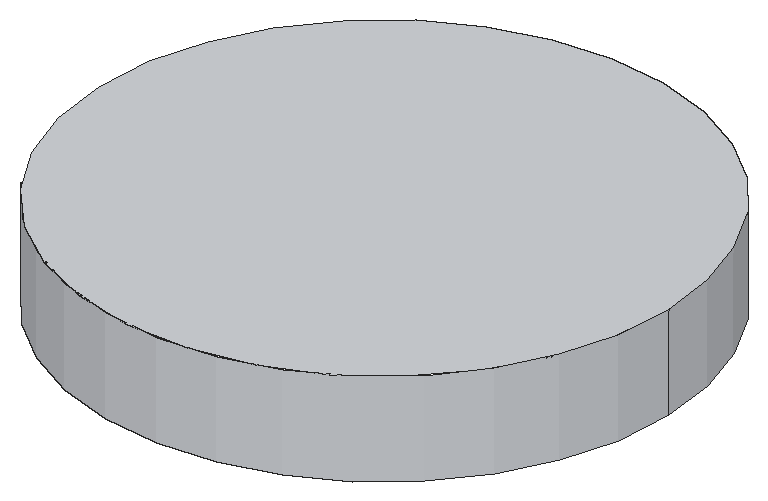
Revit family "Custom Family Light", category Lighting Fixtures, Revit 2021
Family settings
  Round Connector Dimension = Use Diameter
  Part Type = Normal
  OmniClass Number = 23.80.70.00
  OmniClass Title = Lighting
  Work Plane-Based = No
  Always vertical = Yes
  Cut with Voids When Loaded = No
  Light Source = Yes
  Shared = No
  Room Calculation Point = No
Parameters
  Wattage = 12.1178 W
  built-in parameter 1150110 = 1 (stored number, unit not read)
  built-in parameter 1114217 = 1 (stored number, unit not read)
  Thickness = 0' - 1"
  built-in parameter 1150109 = 1 (stored number, unit not read)
  built-in parameter 1150134 = (empty or 0)
  built-in parameter 1150113 = 1 (stored number, unit not read)
  Lumens = 1800 lm
  built-in parameter 1150115 = 1 (stored number, unit not read)
  built-in parameter 1150105 = 143.24 (stored number, unit not read)
  Light Source Symbol Size = 2' - 0"
  built-in parameter 1150137 = (empty or 0)
  built-in parameter 1150139 = (empty or 0)
  built-in parameter 1150112 = 1 (stored number, unit not read)
  built-in parameter 1150114 = 1 (stored number, unit not read)
  built-in parameter 1150132 = 2
  built-in parameter 1150102 = (empty or 0)
  built-in parameter 1150138 = (empty or 0)
  built-in parameter 1150107 = 3000 (stored number, unit not read)
  built-in parameter 1150106 = 1.4324 (stored number, unit not read)
  built-in parameter 1150104 = 13.8 (stored number, unit not read)
  Dimming Lamp Color Temperature Shift = (empty or 0)
  Default Elevation = 0' - 0"
  Color Filter = 16777215
  built-in parameter 1114218 = 1 (stored number, unit not read)
  built-in parameter 1150133 = 10 (stored number, unit not read)
Reference planes (in)
  plane 1 "Light Source Axis (F/B)": y = 0
  plane 2: z = 0
  plane 3 "Light Source Axis (L/R)": x = 0
  plane 4 "Light Source Elevation": z = 54
Forms (in)
  Extrusion 1, solid
    sketch origin (0.18175, 0, 0) x (1, 0, 0) y (0, 1, 0)
      loop
        circle (0, 0) r 6
    from 53 to 55
Dimensions and locks (in)
  "Thickness": imposter light to Extrusion 1
  "Thickness": Extrusion 1 to imposter light
  aligned and locked: plane 3 "Light Source Axis (L/R)" to imposter light
  aligned and locked: plane 1 "Light Source Axis (F/B)" to imposter light
  aligned and locked: plane 4 "Light Source Elevation" to imposter light
  aligned and locked: level to plane 2
Automatic sketch dimensions
  plane 1 "Light Source Axis (F/B)" to Extrusion 1 sketch curve = 0' - 0"
  plane 3 "Light Source Axis (L/R)" to Extrusion 1 sketch curve = 0' - 0.18175"
  radius of Extrusion 1 sketch curve = 0' - 6"
